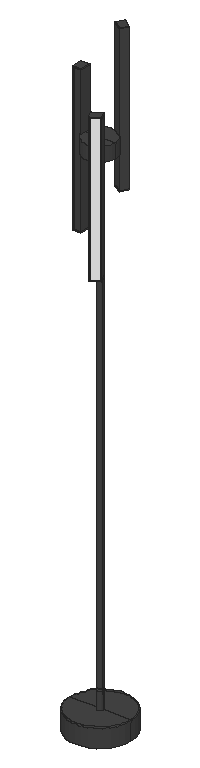
Revit family "AFX-Indra-Pendant", category Lighting Fixtures, host Face, Revit 2021
Family settings
  Host = Face
  Round Connector Dimension = Use Diameter
  Part Type = Normal
  Cut with Voids When Loaded = No
  Light Source = No
  Shared = No
  Room Calculation Point = No
Parameters (values of type "IDRP04LAJD1BK")
  Wattage Comments = "9"
  Voltage = 120 V
  URL = "https://www.afxinc.com/"
  Type Comments = "Indra"  # constant formula
  Sustainability = "https://lamprecycle.org/en/"
  Revit File Built By = "https://servex-us.com/servex-revit/"
  Product Documentation Link = "https://www.afxinc.com/products/productDetail.cfm?productID=2072"
  Power Factor = 1
  Model = "IDRP04LAJD1BK"
  Manufacturer = "AFX Inc"  # constant formula
  Lamp = ""
  Keynote = "12500"  # constant formula
  Housing Finish = AFX - Black Steel
  Height = 20 1/2"  # constant formula
  HC [instance] = if(and(Ceiling Distance > 59 63/64", Ceiling Distance < 108 1/32"), Ceiling Distance, 60")  # 60"
  Diffuser Finish = AFX - White Acrylic
  Diameter = 3 3/4"  # constant formula
  Description = "Led Pendant - 20-1/2\"H x 3-3/4\"Dia"
  Default Elevation = 48"
  Cover Finish = AFX - Black Steel
  Cord Finish = AFX - Black Steel
  Colour Rendering Index = "80"
  Ceiling Distance [instance] = 60"
  Assembly Code = "D5020200"
  Apparent Load = 0 VA
  Angle [instance] = 0.00°
  Adjustable Angle (Range) [instance] = if(and(Angle > -0.10°, Angle < 90.10°), "Angle Max 90", "Not Range")  # "Angle Max 90"
  Angle Flip [instance] = if(and(Angle > -0.10°, Angle < 90.10°), Angle, 0.00°)  # 0.00°
  Adjustable Height (Range) [instance] = if(and(Ceiling Distance > 59 63/64", Ceiling Distance < 108 1/32"), "108 Pulg Max", "Not Range")  # "108 Pulg Max"
Reference planes (in)
  plane 1 "Center (Front/Back)": y = 0.13952
  plane 2: z = 0
  plane 3 "Center (Left/Right)": x = 0
  plane 4: x = -1.875
  plane 5: x = 1.875
  plane 6: y = 2.01452
  plane 7: y = -1.73548
  plane 8: z = 3.5
Forms (in)
  Revolve 1, solid, material "AFX - Black Steel" <- "Housing Finish"
    sketch origin (0, 0.13952, 0) x (1, 0, 0) y (0, 0, 1)
      loop
        arc (0.29528, 3.42097) -> (0.27213, 3.47685) -> (0.21624, 3.5) r 0.07903
        line (0.21624, 3.5) -> (0, 3.5) -> (0, 1.77165) -> (0.29528, 1.77165) -> (0.29528, 3.42097)
      axis (0, 3.5) -> (0, 1.77165)
    angle from 0 to 360
  Revolve 2, solid, material "AFX - Black Steel" <- "Housing Finish"
    sketch origin (0, 0.13952, 0) x (1, 0, 0) y (0, 0, 1)
      loop
        line (0, 0) -> (2.94546, 0) -> (2.94546, 1.71021)
        arc (2.94546, 1.71021) -> (2.92746, 1.75366) -> (2.88401, 1.77165) r 0.06144
        line (2.88401, 1.77165) -> (0, 1.77165) -> (0, 0)
      axis (0, 1.77165) -> (0, 0)
    angle from 0 to 360
  Extrusion 3, void
    sketch origin (0, 0.13952, 0) x (1, 0, 0) y (0, 0, 1)
      loop
        line (-0.15748, 3.53213) -> (-0.15748, 3.03213) -> (0.50605, 3.03213) -> (0.50605, 3.53213) -> (-0.15748, 3.53213)
    from -0.15748 to 0.15748
Cuts and joins
  Extrusion 3 cuts Revolve 1
Lines and regions (in)
  symbolic lines
    curve 1: circle (0, 0.13952, 0) r 2.94546 normal (0, 0, 1)
  reference lines
    curve 2: line (0, 0.13952, 3.5) -> (-1.22798, 0.13952, 3.5)
Dimensions and locks (in)
  "Diameter": plane 4 to plane 5
  "Diameter": plane 7 to plane 6
  equal spacing: plane 4, plane 3 "Center (Left/Right)", plane 5
  equal spacing: plane 7, plane 1 "Center (Front/Back)", plane 6
  locked: Revolve 1 sketch curve to plane 2 at 1.77165
  Revolve 2 sketch curve to Revolve 2 sketch curve to plane 2 = 0.06144" locked, 1.71021" locked
  locked: plane 8 to plane 2 at 3.5
  locked: plane 8 to Revolve 1 sketch curve at 0.07903
  plane 8 to Extrusion 3 sketch curve = 0.46787"
  "Angle Flip": angle curve 2 to plane 8
  aligned and locked: host face to plane 2
  aligned and locked: level to host face
  aligned and locked: Revolve 2 sketch curve to plane 2
  aligned and locked: Revolve 2 sketch curve to plane 3 "Center (Left/Right)"
  aligned and locked: plane 3 "Center (Left/Right)" to curve 2
  aligned and locked: plane 8 to curve 2
  aligned and locked: plane 8 to Revolve 1 sketch curve
Automatic sketch dimensions
  host sketch curve to host sketch curve = 96"  (x2)
  Revolve 1 sketch curve to plane 3 "Center (Left/Right)" = 0"  (x2)
  plane 3 "Center (Left/Right)" to Revolve 1 sketch curve = 0.21624"
  Revolve 1 sketch curve to Revolve 1 sketch curve = 0.63736"
  Revolve 1 sketch curve to Revolve 1 sketch curve = 0.46767"
  Revolve 2 sketch curve to plane 3 "Center (Left/Right)" = 0"
  plane 5 to Revolve 2 sketch curve = 1.00901"
  Revolve 2 sketch curve to Revolve 2 sketch curve = 1.25337"
  Revolve 2 sketch curve to Revolve 2 sketch curve = 0.81191"
  plane 1 "Center (Front/Back)" to curve 1 = 0"
  curve 1 to plane 3 "Center (Left/Right)" = 0"
  Extrusion 3 sketch curve to plane 3 "Center (Left/Right)" = 0.15748"
  plane 3 "Center (Left/Right)" to Extrusion 3 sketch curve = 0.50605"
  Extrusion 3 sketch curve to plane 8 = 0.03213"
  radius of curve 1 = 2.94546"
Nested families (in)
  nested 1: "Lighting" at (0, 0.13952, 0), HC <- "HC", Height <- "Height", Cord Finish <- "Cord Finish", Cover Finish <- "Cover Finish", Diffuser Finish <- "Diffuser Finish", Housing Finish <- "Housing Finish", type "Lighting"
    with Housing Finish AFX - Black Steel, Height 20 1/2", HC 60", Diffuser Finish AFX - White Acrylic, Cover Finish AFX - Black Steel, Cord Finish AFX - Black Steel
Connectors (in)
  electrical at (0, 0.13952, 0), driven by "Voltage", driven by "Apparent Load", driven by "Power Factor"
    settings: on Revolve 2, index 1, voltage 120 V, apparent load 0 VA, apparent load phase1 0 VA, apparent load phase2 0 VA, apparent load phase3 0 VA, power factor 1, load classification "Lighting", number of poles 1, system type 31, power factor state 1, is connector primary yes, connector utility no, sub classification motor no, connector description ""
  electrical at (0, 0.13952, 0), driven by "Voltage", driven by "Apparent Load", driven by "Power Factor"
    settings: on Revolve 2, index 2, voltage 120 V, apparent load 0 VA, apparent load phase1 0 VA, apparent load phase2 0 VA, apparent load phase3 0 VA, power factor 1, load classification "Lighting", number of poles 1, system type 31, power factor state 1, is connector primary no, connector utility no, sub classification motor no, connector description ""
  electrical at (0, 0.13952, 0), driven by "Voltage", driven by "Apparent Load", driven by "Power Factor"
    settings: on Revolve 2, index 3, voltage 120 V, apparent load 0 VA, apparent load phase1 0 VA, apparent load phase2 0 VA, apparent load phase3 0 VA, power factor 1, load classification "Lighting", number of poles 1, system type 31, power factor state 1, is connector primary no, connector utility no, sub classification motor no, connector description ""
Definition of nested family "Lighting"
  Parameters (values of type "Lighting")
    Housing Finish [instance] = none
    Height [instance] = 20 1/2"
    HC [instance] = 60"
    Diffuser Finish [instance] = none
    Default Elevation = 48"
    Cover Finish [instance] = none
    Cord Finish [instance] = none
  Reference planes (in)
    plane 1 "Center (Front/Back)": y = 0
    plane 2: z = 0
    plane 3 "Center (Left/Right)": x = 0
    plane 4: z = 60
    plane 5: z = 39.5
    plane 6: z = 3.5
  Forms (in)
    Revolve 1, solid, material <- "Housing Finish"
      sketch origin (0, -0.06777, -0.00394) x (1, 0, 0) y (0, 0, 1)
        loop
          line (0, 49.32677) -> (1.51567, 49.32677) -> (1.51567, 50.6811) -> (0, 50.6811) -> (0, 49.32677)
        axis (0, 50.6811) -> (0, 49.32677)
      angle from 0 to 360
    Revolve 2, solid, material <- "Cord Finish"
      sketch origin (0, 0, -0.00394) x (1, 0, 0) y (0, 0, 1)
        loop
          line (0, 49.32677) -> (0, 3.45138) -> (0.15748, 3.45138) -> (0.15748, 3.58268) -> (0.21518, 3.58268) -> (0.21518, 3.66165) -> (0.2519, 3.66165) -> (0.2519, 49.20866)
          arc (0.2519, 49.20866) -> (0.26588, 49.21445) -> (0.27167, 49.22842) r 0.01977
          line (0.27167, 49.22842) -> (0.27167, 49.30677)
          arc (0.27167, 49.30677) -> (0.26581, 49.32091) -> (0.25167, 49.32677) r 0.02
          line (0.25167, 49.32677) -> (0, 49.32677)
        axis (0, 49.32677) -> (0, 3.45138)
      angle from 0 to 360
  Lines and regions (in)
    symbolic lines, detail levels fine
      curve 1: circle (0, 0, 0) r 0.2519 normal (0, 0, 1)
    symbolic lines
      curve 2: arc (1.51567, -0.06777, 0) -> (1.41917, 0.46441, 0) -> (1.14196, 0.92882, 0) r 1.51567
      curve 3: arc (0.28976, 1.41995, 0) -> (-0.75674, 1.24547, 0) -> (-1.43246, 0.42753, 0) r 1.51567
      curve 4: arc (-1.43448, -0.55719, 0) -> (-0.7585, -1.38, 0) -> (0.29189, -1.55508, 0) r 1.51567
      curve 5: arc (1.14418, -1.06182, 0) -> (1.41977, -0.59837, 0) -> (1.51567, -0.06777, 0) r 1.51567
  Dimensions and locks (in)
    locked: Revolve 2 sketch curve to Revolve 2 sketch curve at 0.07835
    "Height": plane 4 to plane 5
    locked: plane 4 to nested 2 at 0.08267
    locked: plane 4 to nested 1 at 3.82283
    locked: plane 6 to plane 2 at 3.5
    Revolve 2 sketch curve to Revolve 2 sketch curve to plane 6 = 0.07897" locked, 0.07874" locked
    "HC": plane 4 to plane 2
    locked: plane 6 to Revolve 2 sketch curve at 0.05256
    aligned and locked: level to plane 2
    aligned and locked: nested 3 to plane 5
  Automatic sketch dimensions
    Revolve 1 sketch curve to plane 3 "Center (Left/Right)" = 0"  (x2)
    Revolve 1 sketch curve to Revolve 1 sketch curve = 1.51567"
    plane 5 to Revolve 1 sketch curve = 9.82284"
    Revolve 1 sketch curve to Revolve 1 sketch curve = 1.35432"
    Revolve 1 sketch curve to Revolve 1 sketch curve = 0.61715"
    Revolve 1 sketch curve to Revolve 1 sketch curve = 0.52852"
    plane 1 "Center (Front/Back)" to curve 1 = 0"
    curve 1 to plane 3 "Center (Left/Right)" = 0"
    curve 2 to plane 3 "Center (Left/Right)" = 0"
    curve 2 to curve 3 = 0"
    plane 3 "Center (Left/Right)" to curve 3 = 0.28976"
    curve 2 to plane 1 "Center (Front/Back)" = 0.92882"
    curve 2 to curve 4 = 0"  (x2)
    plane 3 "Center (Left/Right)" to curve 4 = 0.29189"
    curve 2 to curve 5 = 0"
    curve 4 to curve 5 = 0.85228"
    curve 3 to curve 2 = 0.8522"
    curve 3 to plane 1 "Center (Front/Back)" = 0.42753"
    curve 3 to plane 3 "Center (Left/Right)" = 1.43246"
    curve 3 to curve 4 = 0"
    curve 4 to curve 1 = 0.06777"
    curve 4 to curve 3 = 0.00202"
    plane 1 "Center (Front/Back)" to curve 4 = 0.55719"
    Revolve 2 sketch curve to plane 3 "Center (Left/Right)" = 0"  (x2)
    plane 3 "Center (Left/Right)" to Revolve 2 sketch curve = 0.15748"
    Revolve 2 sketch curve to Revolve 2 sketch curve = 0.0577"
    plane 3 "Center (Left/Right)" to Revolve 2 sketch curve = 0.25167"
    Revolve 2 sketch curve to Revolve 2 sketch curve = 0.00024"
    Revolve 2 sketch curve to Revolve 2 sketch curve = 0.01977"
    plane 5 to Revolve 2 sketch curve = 9.70472"
    Revolve 2 sketch curve to level = 3.30219"
    Revolve 2 sketch curve to Revolve 2 sketch curve = 2.63285"
    radius of curve 1 = 0.2519"
  Nested families (in)
    nested 1: "lighting_" at (-2.16536, 0.42737, 42.17718) x (-0.0001, -1, 0) z (0, 0, 1), Cover Finish <- "Cover Finish", Diffuser Finish <- "Diffuser Finish", type "Lighting"
      with Diffuser Finish none, Cover Finish none
    nested 2: "lighting_" at (1.50888, 1.56433, 45.91734) x (-0.866, 0.5, 0) z (0, 0, 1), Cover Finish <- "Cover Finish", Diffuser Finish <- "Diffuser Finish", type "Lighting"
      with Diffuser Finish none, Cover Finish none
    nested 3: "lighting_" at (0.65648, -2.18612, 39.5) x (0.866, 0.5, 0) z (0, 0, 1), Cover Finish <- "Cover Finish", Diffuser Finish <- "Diffuser Finish", type "Lighting"
      with Diffuser Finish none, Cover Finish none
  Definition of nested family "lighting_"
    Parameters (values of type "Lighting")
      Wattage = 9.2903 W
      built-in parameter 1150110 = 1 (stored number, unit not read)
      built-in parameter 1114217 = 1 (stored number, unit not read)
      Tilt Angle = 90.00°
      built-in parameter 1150109 = 1 (stored number, unit not read)
      built-in parameter 1150134 = 3
      built-in parameter 1150113 = 1 (stored number, unit not read)
      Photometric Web File = "IDRP04LAJD1SB SN BK_5000K_IES.IES"
      built-in parameter 1150105 = 109.82 (stored number, unit not read)
      Lumens = 1380 lm
      built-in parameter 1150115 = 1 (stored number, unit not read)
      built-in parameter 1150137 = (empty or 0)
      built-in parameter 1150139 = (empty or 0)
      built-in parameter 1150112 = 1 (stored number, unit not read)
      built-in parameter 1150114 = 1 (stored number, unit not read)
      built-in parameter 1150132 = (empty or 0)
      built-in parameter 1150102 = (empty or 0)
      built-in parameter 1150107 = 3200 (stored number, unit not read)
      built-in parameter 1150138 = (empty or 0)
      built-in parameter 1150106 = 1.0982 (stored number, unit not read)
      Emit from Line Length = 14"
      built-in parameter 1150104 = 13.8 (stored number, unit not read)
      Dimming Lamp Color Temperature Shift = (empty or 0)
      Diffuser Finish [instance] = none
      Default Elevation = 0"
      Cover Finish [instance] = none
      Color Filter = 16777215
      built-in parameter 1114218 = 1 (stored number, unit not read)
      built-in parameter 1150133 = 10 (stored number, unit not read)
    Reference planes (in)
      plane 1 "Center (Front/Back)": y = 0
      plane 2: z = 0
      plane 3 "Center (Left/Right)": x = 0
      plane 4: x = 0.49213
    Forms (in)
      Extrusion 1, solid, material <- "Cover Finish"
        sketch origin (0.72023, 2.16535, -56.67323) x (0, 1, 0) y (-1, 0, 0)
          loop
            line (-2.16535, 0.72023) -> (-2.16535, 0.6218) -> (-2.12598, 0.6218) -> (-2.12598, 0.68086) -> (-2.07086, 0.68086) -> (-2.07086, -0.22465) -> (-2.12598, -0.22465) -> (-2.12598, -0.1656) -> (-2.16535, -0.1656) -> (-2.16535, -0.26402) -> (-1.37795, -0.26402) -> (-1.37795, 0.72023) -> (-2.16535, 0.72023)
        from 70.59449 to 56.75197
      Extrusion 2, solid, material <- "Cover Finish"
        sketch origin (0.72023, 2.16535, -56.67323) x (0, 1, 0) y (-1, 0, 0)
          loop
            line (-2.16535, 0.72023) -> (-2.16535, -0.26402) -> (-1.37795, -0.26402) -> (-1.37795, 0.72023) -> (-2.16535, 0.72023)
        from 56.67323 to 56.75197
      Extrusion 3, solid, material <- "Diffuser Finish"
        sketch origin (0.72023, 2.16535, -56.67323) x (0, 1, 0) y (-1, 0, 0)
          loop
            line (-2.07086, 0.66511) -> (-2.11023, 0.66511) -> (-2.11023, -0.2089) -> (-2.07086, -0.2089) -> (-2.07086, 0.66511)
        from 56.75197 to 70.5945
      Extrusion 4, solid, material <- "Cover Finish"
        sketch origin (0.72023, 2.16535, -42.75198) x (0, 1, 0) y (-1, 0, 0)
          loop
            line (-2.16535, 0.72023) -> (-2.16535, -0.26402) -> (-1.37795, -0.26402) -> (-1.37795, 0.72023) -> (-2.16535, 0.72023)
        from 56.67323 to 56.75197
    Lines and regions (in)
      symbolic lines
        curve 1: line (0, 0, 0) -> (0.98425, 0, 0)
        curve 2: line (0, 0.7874, 0) -> (0, 0, 0)
        curve 3: line (0.98425, 0.7874, 0) -> (0, 0.7874, 0)
        curve 4: line (0.98425, 0, 0) -> (0.98425, 0.7874, 0)
      symbolic lines, detail levels fine
        curve 5: line (0.09843, 0, 0) -> (0.09843, 0.03937, 0)
        curve 6: line (0.09843, 0.03937, 0) -> (0.03937, 0.03937, 0)
        curve 7: line (0.03937, 0.03937, 0) -> (0.03937, 0.09449, 0)
        curve 8: line (0.03937, 0.09449, 0) -> (0.94488, 0.09449, 0)
        curve 9: line (0.94488, 0.09449, 0) -> (0.94488, 0.03937, 0)
        curve 10: line (0.94488, 0.03937, 0) -> (0.88583, 0.03937, 0)
        curve 11: line (0.88583, 0.03937, 0) -> (0.88583, 0, 0)
    Dimensions and locks (in)
      aligned and locked: level to plane 2
      aligned and locked: imposter light to plane 4
      aligned and locked: plane 1 "Center (Front/Back)" to imposter light
